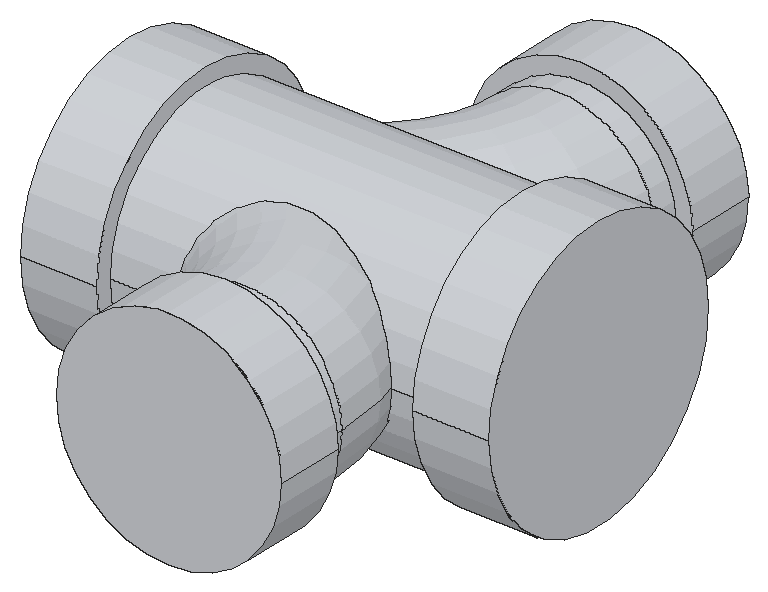
Revit family "M_T duplo de redução de esgoto - PVC - Sch 40 - DWV", category Conexões de tubo, Revit 2019
Family settings
  Cota do conector redondo = Usar raio
  Tipo de parte = Cruzeta
  Número OmniClass = 23.60.30.11.14
  Título OmniClass = Pipework Fittings
  ID de item do Seek = Tee Reducing Double Sanitary - PVC - Sch 40 - DWV-0000-CAN-ENU
  Com base no plano de trabalho = Não
  Sempre na vertical = Sim
  Corte com vazios quando carregada = Não
  Compartilhado = Não
Parameters (values of type "Padrão")
  Espessura da parede 2 [instance] = size_lookup(Nome da tabela de pesquisa, "WThk", 0.02 * Diâmetro nominal 2 + 3.274 mm, Diâmetro nominal 2)  # 3.962 mm
  Espessura da parede 1 [instance] = size_lookup(Nome da tabela de pesquisa, "WThk", 0.02 * Diâmetro nominal 1 + 3.274 mm, Diâmetro nominal 1)  # 3.962 mm
  Tamanho da marca de cota 2 [instance] = Diâmetro externo da conexão 2 * 0.4  # 19.304 mm
  Tamanho da marca de cota 1 [instance] = Diâmetro externo da conexão 1 * 0.4  # 24.13 mm
  Raio externo do soquete 2 [instance] = Diâmetro externo do soquete 2 / 2  # 28.283 mm
  Raio externo do soquete 1 [instance] = Diâmetro externo do soquete 1 / 2  # 34.315 mm
  Diâmetro externo do soquete 2 [instance] = Diâmetro da entrada do soquete 2 + Espessura da parede 2 * 2  # 56.566 mm
  Diâmetro externo do soquete 1 [instance] = Diâmetro da entrada do soquete 1 + Espessura da parede 1 * 2  # 68.631 mm
  Diâmetro da entrada do soquete 2 [instance] = size_lookup(Nome da tabela de pesquisa, "SED", 1.04 * Diâmetro nominal 2 + 9.426 mm, Diâmetro nominal 2)  # 48.641 mm
  Diâmetro da entrada do soquete 1 [instance] = size_lookup(Nome da tabela de pesquisa, "SED", 1.04 * Diâmetro nominal 1 + 9.426 mm, Diâmetro nominal 1)  # 60.706 mm
  Profundidade do soquete 2 [instance] = size_lookup(Nome da tabela de pesquisa, "SDpt", 0.5 * Diâmetro nominal 2, Diâmetro nominal 2)  # 17.45 mm
  Profundidade do soquete 1 [instance] = size_lookup(Nome da tabela de pesquisa, "SDpt", 0.5 * Diâmetro nominal 1, Diâmetro nominal 1)  # 19.05 mm
  Execução do inferior do soquete até o inferior do soquete [instance] = size_lookup(Nome da tabela de pesquisa, "SBtSBR", -0.34 * Diâmetro nominal 1 + 1.57 * Diâmetro nominal 2 + 34.528 mm, Diâmetro nominal 1, Diâmetro nominal 2)  # 79.375 mm
  Raio 4 [instance] = Raio externo da conexão 2  # 24.13 mm
  Raio 3 [instance] = Raio externo da conexão 2  # 24.13 mm
  Raio 2 [instance] = Raio externo da conexão 2  # 24.13 mm
  Raio 1 [instance] = Raio externo da conexão 2  # 24.13 mm
  Raio nominal 2 [instance] = 20 mm
  Diâmetro nominal 2 [instance] = Raio nominal 2 * 2  # 40 mm
  Ângulo mínimo 12 [instance] = if(Ângulo 1 < Ângulo 2, Ângulo 1, Ângulo 2)  # 90.00°
  Método de perda = Não definido
  Nome da tabela de pesquisa = "M_Tee Reducing Double Sanitary - PVC - Sch 40 - DWV"
  Comprimento 9 [instance] = if(Comprimento 7 > Raio externo do soquete 1, Profundidade do soquete 2, if((Raio externo do soquete 2 * cos(Ângulo 2) + Raio externo do soquete 1 - Comprimento 5) / sin(Ângulo 2) > 3.175 mm, (Raio externo do soquete 2 * cos(Ângulo 2) + Raio externo do soquete 1 - Comprimento 5) / sin(Ângulo 2), 3.175 mm))  # 17.45 mm
  Comprimento 8 [instance] = if(Comprimento 6 > Raio externo do soquete 1, Profundidade do soquete 2, if((Raio externo do soquete 2 * cos(Ângulo 1) + Raio externo do soquete 1 - Comprimento 4) / sin(Ângulo 1) > 3.175 mm, (Raio externo do soquete 2 * cos(Ângulo 1) + Raio externo do soquete 1 - Comprimento 4) / sin(Ângulo 1), 3.175 mm))  # 17.45 mm
  Comprimento 7 [instance] = Comprimento 5 - Raio externo do soquete 2 * cos(Ângulo 2)  # 49.225 mm
  Comprimento 6 [instance] = Comprimento 4 - Raio externo do soquete 2 * cos(Ângulo 1)  # 49.225 mm
  Comprimento 5 [instance] = Raio do centro 2 * (1 - cos(Ângulo 2))  # 49.225 mm
  Comprimento 4 [instance] = Raio do centro 1 * (1 - cos(Ângulo 1))  # 49.225 mm
  Comprimento 3 [instance] = if(Execução do inferior do soquete até o inferior do soquete - Execução do centro até o soquete inferior > 3.175 mm, Execução do inferior do soquete até o inferior do soquete - Execução do centro até o soquete inferior, 3.175 mm)  # 30.15 mm
  Comprimento 2 [instance] = 0 mm  # constant formula
  Comprimento 19 [instance] = if(Comprimento 9 = Profundidade do soquete 2, if(Ângulo 2 = 90.00°, -Execução do centro até o soquete inferior + Centro para ramificação inferior do soquete + Profundidade do soquete 2, Profundidade do soquete 2), Profundidade do soquete 2 + Comprimento 9)  # 23.8 mm
  Comprimento 18 [instance] = if(Comprimento 8 = Profundidade do soquete 2, if(Ângulo 1 = 90.00°, -Execução do centro até o soquete inferior + Centro para ramificação inferior do soquete + Profundidade do soquete 2, Profundidade do soquete 2), Profundidade do soquete 2 + Comprimento 8)  # 23.8 mm
  Comprimento 17 [instance] = Comprimento 12 + 4572 mm  # 4621.225 mm
  Comprimento 16 [instance] = Comprimento 10 + 4572 mm  # 4621.225 mm
  Comprimento 15 [instance] = if(Ângulo mínimo 12 < 90.00°, if(Legenda da execução do centro até o soquete inferior + Comprimento 3 > Comprimento 14, Comprimento 3, Comprimento 14 - Legenda da execução do centro até o soquete inferior), Comprimento 3)  # 30.15 mm
  Comprimento 14 [instance] = if(Comprimento 10 > Comprimento 12, Comprimento 10 - cos(Ângulo 1) * Profundidade do soquete 2 + Raio externo do soquete 2 * sin(Ângulo 1), Comprimento 12 - cos(Ângulo 2) * Profundidade do soquete 2 + Raio externo do soquete 2 * sin(Ângulo 2))  # 77.508 mm
  Comprimento 13 [instance] = Comprimento 5 + (Comprimento 19) * sin(Ângulo 2)  # 73.025 mm
  Comprimento 12 [instance] = if(Comprimento 7 > Raio externo do soquete 1, Raio do centro 2 * sin(Ângulo 2) + Profundidade do soquete 2 * cos(Ângulo 2), Raio do centro 2 * sin(Ângulo 2) + (Comprimento 9 + Profundidade do soquete 2) * cos(Ângulo 2))  # 49.225 mm
  Comprimento 11 [instance] = Comprimento 4 + (Comprimento 18) * sin(Ângulo 1)  # 73.025 mm
  Comprimento 10 [instance] = if(Comprimento 6 > Raio externo do soquete 1, Raio do centro 1 * sin(Ângulo 1) + Profundidade do soquete 2 * cos(Ângulo 1), Raio do centro 1 * sin(Ângulo 1) + (Comprimento 8 + Profundidade do soquete 2) * cos(Ângulo 1))  # 49.225 mm
  Comprimento 1 [instance] = if(Raio externo da conexão 2 * tan(Ângulo 1 / 2) > Raio externo da conexão 2 * tan(Ângulo 2 / 2), Raio externo da conexão 2 * tan(Ângulo 1 / 2), Raio externo da conexão 2 * tan(Ângulo 2 / 2))  # 24.13 mm
  Raio do centro 1 [instance] = Legenda da execução do centro até o soquete inferior / tan(Ângulo 1 / 2)  # 49.225 mm
  Raio nominal 1 [instance] = 25 mm
  Diâmetro nominal 1 [instance] = Raio nominal 1 * 2  # 50 mm
  Raio do centro 2 [instance] = Legenda da execução do centro até o soquete inferior / tan(Ângulo 2 / 2)  # 49.225 mm
  Legenda da execução do centro até o soquete inferior [instance] = if(Comprimento 1 < Execução do centro até o soquete inferior, Execução do centro até o soquete inferior, Comprimento 1 + 3.175 mm)  # 49.225 mm
  Raio externo da conexão 2 [instance] = Diâmetro externo da conexão 2 / 2  # 24.13 mm
  Raio externo da conexão 1 [instance] = Diâmetro externo da conexão 1 / 2  # 30.163 mm
  Diâmetro externo da conexão 2 [instance] = size_lookup(Nome da tabela de pesquisa, "FOD", 1.04 * Diâmetro nominal 2 + 9.128 mm, Diâmetro nominal 2)  # 48.26 mm
  Diâmetro externo da conexão 1 [instance] = size_lookup(Nome da tabela de pesquisa, "FOD", 1.04 * Diâmetro nominal 1 + 9.128 mm, Diâmetro nominal 1)  # 60.325 mm
  Execução do centro até o soquete inferior [instance] = size_lookup(Nome da tabela de pesquisa, "CtSBR", -0.16 * Diâmetro nominal 1 + 0.93 * Diâmetro nominal 2 + 20.836 mm, Diâmetro nominal 1, Diâmetro nominal 2)  # 49.225 mm
  Centro para ramificação inferior do soquete [instance] = size_lookup(Nome da tabela de pesquisa, "CtSBB", 0.46 * Diâmetro nominal 1 + 0.33 * Diâmetro nominal 2 + 19.348 mm, Diâmetro nominal 1, Diâmetro nominal 2)  # 55.575 mm
  Ângulo 2 [instance] = 90.00°
  Ângulo 1 [instance] = 90.00°
Reference planes
  plane 1 "Centro (Frente/Trás)": y = 0
  plane 2: z = 0
  plane 3 "Centro (Esquerda/Direita)": x = 0
  plane 4: x = -49.225
  plane 5: y = 49.225
  plane 6: y = -49.225
  plane 7: x = -49.225
  plane 8: x = 30.15
  plane 9: x = -68.275
  plane 10: x = 49.2
  plane 11: x = -4621.225
  plane 12: y = -73.025
  plane 13: x = 0
  plane 14: y = 73.025
  plane 15: x = 0
Forms (mm)
  Sweep 1, solid, detail levels fine
    path in 3D
      loop
        arc (-49.225, 0, 0) -> (-14.418, 14.418, 0) -> (0, 49.225, 0) r 49.225
    profile origin (-14.418, 14.418, 0) x (-0.707107, 0.707107, 0) y (0, 0, 1)
      loop
        circle (0, 0) r 24.13
  Sweep 2, solid, detail levels fine
    path in 3D
      loop
        line (-68.275, 0, 0) -> (-49.225, 0, 0)
    profile origin (-58.75, 0, 0) x (0, 1, 0) y (0, 0, 1)
      loop
        circle (0, 0) r 34.315
  Sweep 3, solid, detail levels fine
    path in 3D
      loop
        line (30.15, 0, 0) -> (49.2, 0, 0)
    profile origin (39.675, 0, 0) x (0, 1, 0) y (0, 0, 1)
      loop
        circle (0, 0) r 34.315
  Blend 4, solid, detail levels fine
    base sketch origin (0, 0, 0) x (0, 1, 0) y (0, 0, 1)
      loop
        circle (0, 0) r 30.163
    top sketch origin (0, 0, 0) x (0, 1, 0) y (0, 0, 1)
      loop
        circle (0, 0) r 30.163
    from -49.225 to 30.15
  Sweep 5, solid, detail levels fine
    path in 3D
      loop
        line (0, 49.225, 0) -> (0, 73.025, 0)
    profile origin (0, 61.125, 0) x (-1, 0, 0) y (0, 0, 1)
      loop
        circle (0, 0) r 24.13
  Sweep 6, solid, detail levels fine
    path origin (0, 0, 0) x (1, 0, 0) y (0, 1, 0)
      loop
        line (0, 73.025) -> (0, 55.575)
    profile origin (0, 64.3, 0) x (1, 0, 0) y (0, 0, 1)
      loop
        circle (0, 0) r 28.283
  Sweep 7, solid, detail levels fine
    path in 3D
      loop
        arc (-49.225, 0, 0) -> (-14.418, -14.418, 0) -> (0, -49.225, 0) r 49.225
    profile origin (-14.418, -14.418, 0) x (0.707107, 0.707107, 0) y (0, 0, 1)
      loop
        circle (0, 0) r 24.13
  Sweep 8, solid, detail levels fine
    path in 3D
      loop
        line (0, -73.025, 0) -> (0, -49.225, 0)
    profile origin (0, -61.125, 0) x (-1, 0, 0) y (0, 0, 1)
      loop
        circle (0, 0) r 24.13
  Sweep 9, solid, detail levels fine
    path origin (0, 0, 0) x (1, 0, 0) y (0, 1, 0)
      loop
        line (0, -73.025) -> (0, -55.575)
    profile origin (0, -64.3, 0) x (-1, 0, 0) y (0, 0, 1)
      loop
        circle (0, 0) r 28.283
Cuts and joins
  joined: Sweep 2, Sweep 3, Blend 4
  joined: Sweep 1, Sweep 5, Sweep 6
  joined: Sweep 7, Sweep 8, Sweep 9
Lines and regions (mm)
  model lines, detail levels coarse+medium
    curve 1: arc (-49.225, 0, 0) -> (-14.418, 14.418, 0) -> (0, 49.225, 0) r 49.225
    curve 2: line (-49.225, 0, 0) -> (30.15, 0, 0)
    curve 4: line (0, 49.225, 0) -> (0, 73.025, 0)
    curve 5: line (-68.275, 0, 0) -> (-49.225, 0, 0)
    curve 7: line (30.15, 0, 0) -> (49.2, 0, 0)
    curve 9: line (-68.275, 0, 0) -> (-68.275, 24.13, 0)
    curve 10: line (-68.275, 0, 0) -> (-68.275, -24.13, 0)
    curve 11: line (49.2, 0, 0) -> (49.2, 24.13, 0)
    curve 12: line (49.2, 0, 0) -> (49.2, -24.13, 0)
    curve 14: line (0, 73.025, 0) -> (19.304, 73.025, 0)
    curve 15: line (0, 73.025, 0) -> (-19.304, 73.025, 0)
    curve 18: arc (-49.225, 0, 0) -> (-14.418, -14.418, 0) -> (0, -49.225, 0) r 49.225
    curve 19: line (0, -73.025, 0) -> (0, -49.225, 0)
    curve 22: line (0, -73.025, 0) -> (19.304, -73.025, 0)
    curve 23: line (0, -73.025, 0) -> (-19.304, -73.025, 0)
  sketch lines
    curve 3: arc (-49.225, 0, 0) -> (-14.418, 14.418, 0) -> (0, 49.225, 0) r 49.225
    curve 6: line (-68.275, 0, 0) -> (-49.225, 0, 0)
    curve 8: line (30.15, 0, 0) -> (49.2, 0, 0)
    curve 13: line (0, 49.225, 0) -> (0, 73.025, 0)
    curve 20: arc (-49.225, 0, 0) -> (-14.418, -14.418, 0) -> (0, -49.225, 0) r 49.225
    curve 21: line (0, -73.025, 0) -> (0, -49.225, 0)
  reference lines
    curve 16: line (-68.275, 0, 0) -> (-49.225, 0, 0)
    curve 17: line (0, 73.025, 0) -> (0, 55.575, 0)
Dimensions and locks
  "Legenda da execução do centro até o soquete inferior": plane 4 to plane 3 "Centro (Esquerda/Direita)"
  "Raio do centro 2": plane 5 to plane 1 "Centro (Frente/Trás)"
  "Raio do centro 1": plane 6 to plane 1 "Centro (Frente/Trás)"
  "Comprimento 19": curve 4 to curve 4
  "Profundidade do soquete 1": plane 10 to plane 8
  "Profundidade do soquete 1": plane 9 to plane 7
  "Comprimento 2": plane 7 to plane 4
  "Comprimento 15": plane 3 "Centro (Esquerda/Direita)" to plane 8
  "Tamanho da marca de cota 1": plane 1 "Centro (Frente/Trás)" to curve 9
  "Tamanho da marca de cota 1": curve 10 to plane 1 "Centro (Frente/Trás)"
  equal spacing: curve 12, plane 1 "Centro (Frente/Trás)", curve 11
  "Tamanho da marca de cota 1": curve 12 to plane 1 "Centro (Frente/Trás)"
  "Comprimento 11": plane 12 to plane 1 "Centro (Frente/Trás)"
  "Comprimento 13": plane 14 to plane 1 "Centro (Frente/Trás)"
  "Tamanho da marca de cota 2": curve 14 to curve 14
  "Tamanho da marca de cota 2": curve 15 to curve 15
  locked: plane 11 to plane 4 at 4572
  "Comprimento 17": plane 11 to plane 15
  "Comprimento 16": plane 11 to plane 13
  "Profundidade do soquete 2": Sweep 6 sketch curve to Sweep 6 sketch curve
  "Comprimento 18": curve 19 to curve 19
  "Profundidade do soquete 2": Sweep 9 sketch curve to Sweep 9 sketch curve
  "Tamanho da marca de cota 2": curve 22 to curve 22
  "Tamanho da marca de cota 2": curve 23 to curve 23
  "Raio do centro 2": radius of curve 1
  "Raio externo da conexão 2": radius of Sweep 1 sketch curve
  "Raio externo do soquete 1": radius of Sweep 2 sketch curve
  "Raio externo do soquete 1": radius of Sweep 3 sketch curve
  "Raio externo da conexão 1": radius of Blend 4 sketch curve  (x2)
  "Raio 3": radius of Sweep 5 sketch curve
  "Raio externo do soquete 2": radius of Sweep 6 sketch curve
  "Raio externo da conexão 2": radius of Sweep 7 sketch curve
  "Raio externo da conexão 2": radius of Sweep 8 sketch curve
  "Raio externo do soquete 2": radius of Sweep 9 sketch curve
  "Ângulo 2": angle curve 1 to curve 1
  "Ângulo 2": angle plane 1 "Centro (Frente/Trás)" to curve 4
  "Ângulo 2": angle plane 15 to curve 14
  "Ângulo 2": angle plane 15 to curve 15
  "Ângulo 2": angle plane 14 to curve 17
  "Ângulo 2": angle plane 14 to Sweep 6 sketch curve
  "Ângulo 1": angle curve 18 to curve 18
  "Ângulo 1": angle curve 19 to plane 12
  "Ângulo 1": angle Sweep 9 sketch curve to plane 12
  locked: curve 22 to curve 19 (angle 90.00°)
  locked: curve 19 to curve 23 (angle 90.00°)
  aligned and locked: plane 1 "Centro (Frente/Trás)" to curve 2
  aligned and locked: level to Sweep 1 sketch curve
  aligned and locked: plane 1 "Centro (Frente/Trás)" to curve 5
  aligned and locked: plane 9 to curve 5
  aligned and locked: plane 1 "Centro (Frente/Trás)" to curve 7
  aligned and locked: plane 8 to curve 7
  aligned and locked: plane 10 to curve 7
  aligned and locked: plane 7 to curve 5
  aligned and locked: level to Blend 4 sketch curve  (x2)
  aligned and locked: plane 1 "Centro (Frente/Trás)" to Blend 4 sketch curve  (x2)
  aligned and locked: Blend 4 to plane 7
  aligned and locked: plane 8 to Blend 4
  aligned and locked: plane 9 to curve 16
  aligned and locked: plane 1 "Centro (Frente/Trás)" to curve 16
  aligned and locked: plane 14 to curve 17
  aligned and locked: plane 15 to curve 17
  aligned and locked: plane 14 to Sweep 6 sketch curve
  aligned and locked: plane 15 to Sweep 6 sketch curve
  aligned and locked: plane 6 to curve 18
  aligned and locked: plane 12 to curve 19
  aligned and locked: plane 12 to Sweep 9 sketch curve
  aligned and locked: plane 13 to Sweep 9 sketch curve
  aligned and locked: plane 13 to curve 23
Automatic sketch dimensions
  curve 1 to plane 4 = 0 mm
  curve 16 to plane 4 = 0 mm
  Sweep 1 sketch curve to profile plane = 0 mm
  Sweep 2 sketch curve to profile plane = 0 mm  (x2)
  Sweep 3 sketch curve to profile plane = 0 mm  (x2)
  Sweep 5 sketch curve to profile plane = 0 mm  (x2)
  Sweep 6 sketch curve to level = 0 mm
  profile plane to Sweep 6 sketch curve = 0 mm
  Sweep 7 sketch curve to profile plane = 0 mm  (x2)
  Sweep 8 sketch curve to profile plane = 0 mm  (x2)
  Sweep 9 sketch curve to level = 0 mm
  Sweep 9 sketch curve to profile plane = 0 mm
Connectors
  piping at (-68.275, 0, 0), diameter 50, driven by "Raio nominal 1"
    settings: on Sweep 2, index 1, connector inside diameter 50 mm, connector length 0 mm, flow factor 0, pipe flow 0.0 L/s, pressure drop 0.0 Pa, fitting loss kfactor 0, connector angle 0.00°, fixture units 0, engagement length 0 mm, angle of deflection 0.00°, flow configuration 0, flow direction 0, fitting loss method 0, system type 28, joint type 0, gender type 0, connector reference index 2, connector utility 0, adjustable connector no, is connector primary yes, connector description ""
  piping at (49.2, 0, 0), diameter 50, driven by "Raio nominal 1"
    settings: on Sweep 3, index 2, connector inside diameter 50 mm, connector length 0 mm, flow factor 0, pipe flow 0.0 L/s, pressure drop 0.0 Pa, fitting loss kfactor 0, connector angle 0.00°, fixture units 0, engagement length 0 mm, angle of deflection 0.00°, flow configuration 0, flow direction 0, fitting loss method 0, system type 28, joint type 0, gender type 0, connector reference index 1, connector utility 0, adjustable connector no, is connector primary no, connector description ""
  piping at (0, 73.025, 0), diameter 40, driven by "Ângulo 2", driven by "Raio nominal 2"
    settings: on cut or joined group of Sweep 1, Sweep 5, Sweep 6, index 4, connector inside diameter 40 mm, connector length 0 mm, flow factor 0, pipe flow 0.0 L/s, pressure drop 0.0 Pa, fitting loss kfactor 0, connector angle 90.00°, fixture units 0, engagement length 0 mm, angle of deflection 0.00°, flow configuration 0, flow direction 0, fitting loss method 0, system type 28, joint type 0, gender type 0, connector reference index -1, connector utility 0, adjustable connector no, is connector primary no, connector description ""
  piping at (0, -73.025, 0), diameter 40, driven by "Ângulo 1", driven by "Raio nominal 2"
    settings: on cut or joined group of Sweep 7, Sweep 8, Sweep 9, index 5, connector inside diameter 40 mm, connector length 0 mm, flow factor 0, pipe flow 0.0 L/s, pressure drop 0.0 Pa, fitting loss kfactor 0, connector angle 90.00°, fixture units 0, engagement length 0 mm, angle of deflection 0.00°, flow configuration 0, flow direction 0, fitting loss method 0, system type 28, joint type 0, gender type 0, connector reference index -1, connector utility 0, adjustable connector no, is connector primary no, connector description ""
